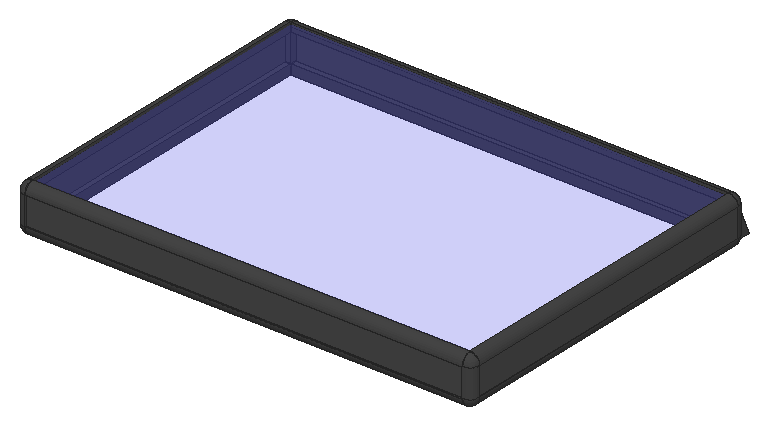
Revit family "f5fd465b-0319-4c63-bc98-8e1c0b9e7d54", category Furniture, host Face, Revit 2016
Family settings
  Host = Face
  OmniClass Number = 23.40.95.00
  OmniClass Title = Furnishings, Ornaments, and Decoration
  Cut with Voids When Loaded = No
  Shared = No
  Room Calculation Point = No
Parameters (values of type "54"")
  Width = 48"
  Voltage = if(Use USB, 5 V, 120 V)  # 5 V
  Use USB = yes
  Use Charger = not(Use USB)  # no
  URL = "http://besafeprod.com/"
  Type Image = <None>
  Type Comments = ""
  Show Ligature Resistant Slope = yes
  Product data url = "https://bimobject.com/behavioralsafetyproducts/product/bsp-te540"
  Product Page URL = "http://besafeprod.com/product-catalog/television-enclosures"
  Product Documentation Link = "http://besafeprod.com/images/TE540.Specs_Maintenance.pdf"
  Options = if(Show Ligature Resistant Slope, "Includes Ligature Resistant Slope", "Standard")  # "Includes Ligature Resistant Slope"
  Notes = "Fabrication to client specifications"  # constant formula
  Model = "TE540"  # constant formula
  Manufacturer = "Behavioral Safety Products"  # constant formula
  Load Classification = Other
  Keynote = ""
  Inset Finish = Plastic-BSP-Black
  Height = 36"
  Front Protection Finish = Polycarbonate-BSP-Clear
  Frame Finish = Aluminum-BSP-Anodized-Black
  Description = "Ligature Resistant Protective TV Enclosure"  # constant formula
  Depth = 5"
  Default Elevation = 54"
  Assembly Code = "E2010"
Reference planes (in)
  plane 1 "Center (Front/Back)": y = 0
  plane 2 "Back": z = 0
  plane 3 "Center (Left/Right)": x = 0
  plane 4: x = -23
  plane 5: x = 23
  plane 6: y = 17
  plane 7: y = -17
  plane 8 "Front": z = 5
  plane 9: z = 4
  plane 10 "Bottom": y = -18
  plane 11 "Left": x = -24
  plane 12 "Top": y = 18
  plane 13 "Right": x = 24
  plane 14: through (0, 17.23867, 5.88435) normal (0, -0.9272, -0.3746)
  plane 15: y = 20.82818
  plane 16: z = 1.5
  plane 17: z = 1
Forms (in)
  Extrusion 1, solid, material "Aluminum-BSP-Anodized-Black" <- "Frame Finish", detail levels medium+fine
    sketch origin (0, 0, 0) x (1, 0, 0) y (0, 1, 0)
      loop
        line (-24, 17) -> (-23, 17) -> (-23, 18)
        arc (-23, 18) -> (-23.70711, 17.70711) -> (-24, 17) r 1
      loop
        arc (24, 17) -> (23.70711, 17.70711) -> (23, 18) r 1
        line (23, 18) -> (23, 17) -> (24, 17)
      loop
        arc (-24, -17) -> (-23.70711, -17.70711) -> (-23, -18) r 1
        line (-23, -18) -> (-23, -17) -> (-24, -17)
      loop
        line (24, -17) -> (23, -17) -> (23, -18)
        arc (23, -18) -> (23.70711, -17.70711) -> (24, -17) r 1
    from 1 to 4
  Extrusion 2, solid, material "Polycarbonate-BSP-Clear" <- "Front Protection Finish"
    sketch origin (0, 0, 0) x (1, 0, 0) y (0, 1, 0)
      loop
        line (-23, 17) -> (-23, -17) -> (23, -17) -> (23, 17) -> (-23, 17)
    from 4.75 to 4.5
  Extrusion 3, solid, material "Aluminum-BSP-Anodized-Black" <- "Frame Finish", detail levels coarse
    sketch origin (0, 31.24417, 4) x (0, 1, 0) y (-1, 0, 0)
      loop
        line (-14.24417, 23) -> (-48.24417, 23) -> (-48.24417, -23) -> (-14.24417, -23) -> (-14.24417, 23)
      loop
        line (-13.24417, 24) -> (-49.24417, 24) -> (-49.24417, -24) -> (-13.24417, -24) -> (-13.24417, 24)
    from -4 to 1
  Extrusion 4, solid, material "Aluminum-BSP-Anodized-Black" <- "Frame Finish", visible <- "Show Ligature Resistant Slope"
    sketch origin (0, 0, 0) x (0, 1, 0) y (0, 0, 1)
      loop
        line (18, 4) -> (18, 0) -> (19.6161, 0) -> (18, 4)
    from -23 to 23
  Extrusion 5, solid, material "Plastic-BSP-Black" <- "Inset Finish", detail levels medium+fine
    sketch origin (0, 31.24417, 4) x (0, 1, 0) y (-1, 0, 0)
      loop
        line (-14.24417, 23.875) -> (-48.24417, 23.875) -> (-48.24417, 23.625) -> (-14.24417, 23.625) -> (-14.24417, 23.875)
      loop
        line (-13.36917, -23) -> (-13.36917, 23) -> (-13.61917, 23) -> (-13.61917, -23) -> (-13.36917, -23)
      loop
        line (-48.24417, -23.875) -> (-14.24417, -23.875) -> (-14.24417, -23.625) -> (-48.24417, -23.625) -> (-48.24417, -23.875)
      loop
        line (-49.11917, 23) -> (-49.11917, -23) -> (-48.86917, -23) -> (-48.86917, 23) -> (-49.11917, 23)
    from -3 to 0
  Extrusion 6, solid, material "Aluminum-BSP-Anodized-Black" <- "Frame Finish", detail levels medium+fine
    sketch origin (0, 0, 0) x (0, 1, 0) y (0, 0, 1)
      loop
        arc (18, 4) -> (17.70711, 4.70711) -> (17, 5) r 1
        line (17, 5) -> (17, 4) -> (18, 4)
      loop
        line (18, 1) -> (17, 1) -> (17, 0)
        arc (17, 0) -> (17.70711, 0.29289) -> (18, 1) r 1
      loop
        line (-18, 4) -> (-17, 4) -> (-17, 5)
        arc (-17, 5) -> (-17.70711, 4.70711) -> (-18, 4) r 1
      loop
        arc (-18, 1) -> (-17.70711, 0.29289) -> (-17, 0) r 1
        line (-17, 0) -> (-17, 1) -> (-18, 1)
    from -23 to 23
  Extrusion 7, solid, material "Aluminum-BSP-Anodized-Black" <- "Frame Finish"
    sketch origin (0, 0, 0) x (1, 0, 0) y (0, 0, 1)
      loop
        arc (-23, 5) -> (-23.70711, 4.70711) -> (-24, 4) r 1
        line (-24, 4) -> (-23, 4) -> (-23, 5)
      loop
        arc (-24, 1) -> (-23.70711, 0.29289) -> (-23, 0) r 1
        line (-23, 0) -> (-23, 1) -> (-24, 1)
      loop
        line (23, 5) -> (23, 4) -> (24, 4)
        arc (24, 4) -> (23.70711, 4.70711) -> (23, 5) r 1
      loop
        line (24, 1) -> (23, 1) -> (23, 0)
        arc (23, 0) -> (23.70711, 0.29289) -> (24, 1) r 1
    from -17 to 17
  Revolve 8, solid, material "Aluminum-BSP-Anodized-Black" <- "Frame Finish", detail levels medium+fine
    sketch origin (-23, 54, 48) x (0, 1, 0) y (0, 0, 1)
      loop
        line (-37, -43) -> (-37, -44) -> (-36, -44)
        arc (-36, -44) -> (-36.29289, -43.29289) -> (-37, -43) r 1
      axis (-37, -43) -> (-37, -44)
    angle from 0 to 90
  Revolve 9, solid, material "Aluminum-BSP-Anodized-Black" <- "Frame Finish", detail levels medium+fine
    sketch origin (23, 54, 48) x (0, 1, 0) y (0, 0, -1)
      loop
        arc (-37, 43) -> (-36.29289, 43.29289) -> (-36, 44) r 1
        line (-36, 44) -> (-37, 44) -> (-37, 43)
      axis (-37, 43) -> (-37, 44)
    angle from 0 to 90
  Revolve 10, solid, material "Aluminum-BSP-Anodized-Black" <- "Frame Finish", detail levels medium+fine
    sketch origin (-23, -54, 48) x (0, -1, 0) y (0, 0, -1)
      loop
        arc (-37, 43) -> (-36.29289, 43.29289) -> (-36, 44) r 1
        line (-36, 44) -> (-37, 44) -> (-37, 43)
      axis (-37, 43) -> (-37, 44)
    angle from 0 to 90
  Revolve 11, solid, material "Aluminum-BSP-Anodized-Black" <- "Frame Finish", detail levels medium+fine
    sketch origin (23, -54, 48) x (0, -1, 0) y (0, 0, 1)
      loop
        line (-37, -43) -> (-37, -44) -> (-36, -44)
        arc (-36, -44) -> (-36.29289, -43.29289) -> (-37, -43) r 1
      axis (-37, -43) -> (-37, -44)
    angle from 0 to 90
  Revolve 12, solid, material "Aluminum-BSP-Anodized-Black" <- "Frame Finish", detail levels medium+fine
    sketch origin (-23, 54, -41) x (0, 1, 0) y (0, 0, 1)
      loop
        arc (-37, 41) -> (-36.29289, 41.29289) -> (-36, 42) r 1
        line (-36, 42) -> (-37, 42) -> (-37, 41)
      axis (-37, 41) -> (-37, 42)
    angle from 0 to 90
  Revolve 13, solid, material "Aluminum-BSP-Anodized-Black" <- "Frame Finish", detail levels medium+fine
    sketch origin (23, 54, -41) x (0, 1, 0) y (0, 0, -1)
      loop
        line (-37, -41) -> (-37, -42) -> (-36, -42)
        arc (-36, -42) -> (-36.29289, -41.29289) -> (-37, -41) r 1
      axis (-37, -41) -> (-37, -42)
    angle from 0 to 90
  Revolve 14, solid, material "Aluminum-BSP-Anodized-Black" <- "Frame Finish", detail levels medium+fine
    sketch origin (-23, -54, -41) x (0, -1, 0) y (0, 0, -1)
      loop
        line (-37, -41) -> (-37, -42) -> (-36, -42)
        arc (-36, -42) -> (-36.29289, -41.29289) -> (-37, -41) r 1
      axis (-37, -41) -> (-37, -42)
    angle from 0 to 90
  Revolve 15, solid, material "Aluminum-BSP-Anodized-Black" <- "Frame Finish", detail levels medium+fine
    sketch origin (23, -54, -41) x (0, -1, 0) y (0, 0, 1)
      loop
        arc (-37, 41) -> (-36.29289, 41.29289) -> (-36, 42) r 1
        line (-36, 42) -> (-37, 42) -> (-37, 41)
      axis (-37, 41) -> (-37, 42)
    angle from 0 to 90
Lines and regions (in)
  Masking region 1, detail levels coarse
    outline origin (0, 0, 0) x (1, 0, 0) y (0, 0, 1)
      loop
        line (-24, 5) -> (-24, 1) -> (24, 1) -> (24, 5) -> (-24, 5)
  Masking region 2, detail levels medium+fine
    outline origin (0, 0, 0) x (1, 0, 0) y (0, 0, 1)
      loop
        line (23, 5) -> (-23, 5)
        arc (-23, 5) -> (-23.70711, 4.70711) -> (-24, 4) r 1
        line (-24, 4) -> (24, 4)
        arc (24, 4) -> (23.70711, 4.70711) -> (23, 5) r 1
      loop
        arc (23, 0) -> (23.70711, 0.29289) -> (24, 1) r 1
        line (24, 1) -> (-24, 1)
        arc (-24, 1) -> (-23.70711, 0.29289) -> (-23, 0) r 1
        line (-23, 0) -> (23, 0)
  Masking region 3, detail levels medium+fine
    outline origin (0, 0, 0) x (1, 0, 0) y (0, 0, 1)
      loop
        line (-24, 4) -> (-24, 1) -> (24, 1) -> (24, 4) -> (-24, 4)
  Masking region 4, detail levels medium+fine
    outline origin (0, 31.24417, 4) x (0, 1, 0) y (-1, 0, 0)
      loop
        line (-10.41599, -23) -> (-10.41599, 23) -> (-13.24417, 23)
        arc (-13.24417, 23) -> (-13.53707, 23.70711) -> (-14.24417, 24) r 1
        line (-14.24417, 24) -> (-48.24417, 24)
        arc (-48.24417, 24) -> (-48.95128, 23.70711) -> (-49.24417, 23) r 1
        line (-49.24417, 23) -> (-49.24417, -23)
        arc (-49.24417, -23) -> (-48.95128, -23.70711) -> (-48.24417, -24) r 1
        line (-48.24417, -24) -> (-14.24417, -24)
        arc (-14.24417, -24) -> (-13.53707, -23.70711) -> (-13.24417, -23) r 1
        line (-13.24417, -23) -> (-10.41599, -23)
  Masking region 5, detail levels coarse
    outline origin (0, 31.24417, 4) x (0, 1, 0) y (-1, 0, 0)
      loop
        line (-13.24417, -24) -> (-13.24417, -23) -> (-10.41599, -23) -> (-10.41599, 23) -> (-13.24417, 23) -> (-13.24417, 24) -> (-49.24417, 24) -> (-49.24417, -24) -> (-13.24417, -24)
  symbolic lines, visible <- "Show Ligature Resistant Slope", detail levels coarse
    curve 1: line (-23, 20.82818, 4) -> (-23, 18, 4)
    curve 2: line (23, 18, 4) -> (23, 20.82818, 4)
  symbolic lines, style "FurnitureHiddenLines", detail levels coarse
    curve 3: line (23, 17, 4) -> (23, -17, 4)
    curve 4: line (23, -17, 4) -> (-23, -17, 4)
    curve 5: line (-23, -17, 4) -> (-23, 17, 4)
    curve 6: line (-23, 17, 4) -> (23, 17, 4)
  symbolic lines, style "FurnitureHiddenLines", detail levels fine
    curve 7: line (-23, 17, 4) -> (-23, 18, 4)
    curve 8: line (-23, 17, 4) -> (-24, 17, 4)
    curve 9: line (23, 19.6161, 4) -> (-23, 19.6161, 4)
    curve 10: line (-23, 18, 4) -> (23, 18, 4)
    curve 11: line (23, 18, 4) -> (23, 17, 4)
    curve 12: line (24, 17, 4) -> (23, 17, 4)
    curve 13: line (23, -17, 4) -> (23, -18, 4)
    curve 14: line (-23, 18, 4) -> (-23, -17.875, 4)
    curve 15: line (-24, -17, 4) -> (-23, -17, 4)
Dimensions and locks (in)
  equal spacing: plane 11 "Left", plane 3 "Center (Left/Right)", plane 13 "Right"
  "Width": plane 11 "Left" to plane 13 "Right"
  equal spacing: plane 12 "Top", plane 1 "Center (Front/Back)", plane 10 "Bottom"
  "Height": plane 12 "Top" to plane 10 "Bottom"
  locked: plane 11 "Left" to plane 4 at 1
  locked: plane 5 to plane 13 "Right" at 1
  locked: plane 12 "Top" to plane 6 at 1
  locked: plane 7 to plane 10 "Bottom" at 1
  "Depth": plane 8 "Front" to plane 2 "Back"
  locked: plane 8 "Front" to plane 9 at 1
  locked: Extrusion 2 to Extrusion 2 at 0.25
  locked: plane 8 "Front" to Extrusion 2 at 0.25
  locked: plane 15 to plane 12 "Top" at 2.82818
  locked: plane 9 to plane 16 at 2.5
  locked: plane 17 to level at 1
  locked: plane 14 to plane 12 "Top" (angle 22.00°)
  aligned and locked: plane 2 "Back" to host face
  aligned and locked: level to host face
  aligned and locked: plane 9 to Extrusion 1
  aligned and locked: Extrusion 3 sketch curve to plane 6
  aligned and locked: plane 4 to Extrusion 3 sketch curve
  aligned and locked: plane 7 to Extrusion 3 sketch curve
  aligned and locked: Extrusion 3 sketch curve to plane 5
  aligned and locked: Extrusion 3 to level
  aligned and locked: plane 8 "Front" to Extrusion 3
  aligned and locked: Masking region 1 sketch curve to Extrusion 3  (x3)
  aligned and locked: Masking region 1 sketch curve to Extrusion 1
  aligned and locked: plane 9 to Masking region 2 sketch curve
  aligned and locked: Extrusion 3 to Masking region 3 sketch curve  (x2)
  aligned and locked: Masking region 3 sketch curve to plane 9
  aligned and locked: plane 10 "Bottom" to Extrusion 3
  aligned and locked: plane 14 to Extrusion 4 sketch curve
  aligned and locked: plane 12 "Top" to Extrusion 4 sketch curve
  aligned and locked: plane 2 "Back" to Extrusion 4 sketch curve
  aligned and locked: plane 5 to Extrusion 4
  aligned and locked: Extrusion 4 to plane 4
  aligned and locked: curve 1 to Extrusion 4
  aligned and locked: curve 2 to Extrusion 4
  aligned and locked: Extrusion 1 to Extrusion 5  (x2)
  aligned and locked: Extrusion 1 sketch curve to plane 6
  aligned and locked: Extrusion 1 sketch curve to plane 4
  aligned and locked: plane 11 "Left" to Extrusion 1 sketch curve  (x2)
  aligned and locked: plane 12 "Top" to Extrusion 1 sketch curve  (x2)
  aligned and locked: plane 6 to Extrusion 1 sketch curve
  aligned and locked: Extrusion 1 sketch curve to plane 5
  aligned and locked: plane 13 "Right" to Extrusion 1 sketch curve  (x2)
  aligned and locked: plane 7 to Extrusion 1 sketch curve
  aligned and locked: plane 5 to Extrusion 1 sketch curve
  aligned and locked: plane 10 "Bottom" to Extrusion 1 sketch curve  (x2)
  aligned and locked: plane 4 to Extrusion 1 sketch curve
  aligned and locked: Extrusion 1 sketch curve to plane 7
  aligned and locked: plane 6 to Extrusion 5  (x2)
  aligned and locked: Extrusion 5 to plane 4  (x2)
  aligned and locked: plane 5 to Extrusion 5  (x2)
  aligned and locked: Extrusion 5 to plane 7  (x2)
  aligned and locked: plane 9 to Extrusion 6 sketch curve  (x2)
  aligned and locked: plane 6 to Extrusion 6 sketch curve  (x2)
  aligned and locked: plane 17 to Extrusion 5
  aligned and locked: plane 17 to Extrusion 1
  aligned and locked: plane 17 to Extrusion 6 sketch curve
  aligned and locked: plane 12 "Top" to Extrusion 6 sketch curve
  aligned and locked: plane 2 "Back" to Extrusion 6 sketch curve  (x2)
  aligned and locked: Extrusion 6 to plane 4
  aligned and locked: plane 5 to Extrusion 6
  aligned and locked: Extrusion 6 sketch curve to plane 7
  aligned and locked: plane 7 to Extrusion 6 sketch curve
  aligned and locked: plane 10 "Bottom" to Extrusion 6 sketch curve  (x2)
  aligned and locked: plane 8 "Front" to Extrusion 6 sketch curve
  aligned and locked: Extrusion 7 sketch curve to plane 4  (x2)
  aligned and locked: Extrusion 7 sketch curve to plane 9
  aligned and locked: plane 17 to Extrusion 7 sketch curve
  aligned and locked: plane 2 "Back" to Extrusion 7 sketch curve  (x2)
  aligned and locked: plane 11 "Left" to Extrusion 7 sketch curve  (x2)
  aligned and locked: plane 8 "Front" to Extrusion 7 sketch curve  (x2)
  aligned and locked: Extrusion 7 sketch curve to plane 5  (x2)
  aligned and locked: plane 9 to Extrusion 7 sketch curve
  aligned and locked: plane 13 "Right" to Extrusion 7 sketch curve  (x2)
  aligned and locked: Extrusion 7 sketch curve to plane 17
  aligned and locked: Extrusion 7 to plane 7
  aligned and locked: plane 6 to Extrusion 7
  aligned and locked: Masking region 2 sketch curve to Extrusion 7  (x2)
  aligned and locked: Masking region 2 sketch curve to plane 17
  aligned and locked: plane 11 "Left" to Masking region 2 sketch curve
  aligned and locked: plane 2 "Back" to Masking region 2 sketch curve
  aligned and locked: plane 5 to Masking region 2 sketch curve
  aligned and locked: plane 13 "Right" to Masking region 2 sketch curve
  aligned and locked: plane 4 to Masking region 2 sketch curve
  aligned and locked: Revolve 8 sketch curve to plane 9
  aligned and locked: plane 6 to Revolve 8
  aligned and locked: plane 4 to Revolve 8
  aligned and locked: Revolve 9 to plane 5
  aligned and locked: plane 6 to Revolve 9
  aligned and locked: Revolve 11 to plane 7
  aligned and locked: Revolve 11 to plane 5
  aligned and locked: plane 4 to Revolve 10
  aligned and locked: Revolve 10 to plane 7
  aligned and locked: plane 4 to Extrusion 1  (x2)
  aligned and locked: Extrusion 1 to plane 6  (x2)
  aligned and locked: Extrusion 1 to plane 5  (x2)
  aligned and locked: plane 7 to Extrusion 1  (x2)
  aligned and locked: plane 4 to Revolve 14
  aligned and locked: plane 4 to Revolve 12
  aligned and locked: Revolve 15 to plane 5
  aligned and locked: Revolve 13 to plane 5
  aligned and locked: plane 4 to Extrusion 2 sketch curve
  aligned and locked: Extrusion 2 sketch curve to plane 6
  aligned and locked: plane 7 to Extrusion 2 sketch curve
  aligned and locked: Extrusion 2 sketch curve to plane 5
  aligned and locked: Masking region 3 sketch curve to plane 17
  aligned and locked: Masking region 4 sketch curve to plane 5
  aligned and locked: Masking region 4 sketch curve to Extrusion 1  (x4)
  aligned and locked: Masking region 4 sketch curve to plane 15
  aligned and locked: Masking region 4 sketch curve to plane 4
  aligned and locked: Masking region 5 sketch curve to plane 13 "Right"
  aligned and locked: Masking region 5 sketch curve to plane 10 "Bottom"
  aligned and locked: Masking region 5 sketch curve to plane 11 "Left"
  aligned and locked: Masking region 5 sketch curve to plane 12 "Top"  (x2)
  aligned and locked: Masking region 5 sketch curve to plane 15
  aligned and locked: Masking region 5 sketch curve to plane 4
  aligned and locked: Masking region 5 sketch curve to plane 5
  aligned and locked: curve 3 to Extrusion 3
  aligned and locked: curve 4 to Extrusion 3
  aligned and locked: curve 5 to Extrusion 3
  aligned and locked: curve 6 to Extrusion 3
  aligned and locked: curve 7 to Revolve 8
  aligned and locked: curve 8 to Revolve 8
  aligned and locked: curve 9 to Extrusion 4
  aligned and locked: curve 10 to Extrusion 4
  aligned and locked: curve 11 to Revolve 9
  aligned and locked: curve 12 to Revolve 9
  aligned and locked: curve 13 to Revolve 11
  aligned and locked: curve 14 to Extrusion 6
  aligned and locked: Revolve 10 to curve 15
  aligned and locked: plane 13 "Right" to curve 12
  aligned and locked: plane 5 to curve 3
  aligned and locked: plane 15 to curve 2
  aligned and locked: plane 12 "Top" to curve 2
  aligned and locked: plane 15 to curve 1
  aligned and locked: plane 12 "Top" to curve 14
  aligned and locked: plane 11 "Left" to curve 8
  aligned and locked: plane 4 to curve 8
  aligned and locked: plane 11 "Left" to curve 15
  aligned and locked: plane 4 to curve 15
  aligned and locked: plane 10 "Bottom" to curve 13
  aligned and locked: plane 7 to curve 13
Automatic sketch dimensions
  host sketch curve to host sketch curve = 96"  (x2)
  Extrusion 3 sketch curve to plane 10 "Bottom" = 0"
  Extrusion 3 sketch curve to plane 12 "Top" = 0"
  Extrusion 3 sketch curve to plane 13 "Right" = 0"
  Extrusion 3 sketch curve to plane 11 "Left" = 0"
  Masking region 2 sketch curve to plane 11 "Left" = 0"
  Masking region 2 sketch curve to plane 13 "Right" = 0"
  Extrusion 5 sketch curve to plane 4 = 0"  (x2)
  Extrusion 5 sketch curve to plane 5 = 0"  (x2)
  Extrusion 5 sketch curve to plane 7 = 0"  (x2)
  Extrusion 5 sketch curve to plane 6 = 0"  (x2)
  Extrusion 5 sketch curve to plane 13 "Right" = 1/8"
  plane 10 "Bottom" to Extrusion 5 sketch curve = 3/8"
  plane 10 "Bottom" to Extrusion 5 sketch curve = 1/8"
  Extrusion 5 sketch curve to plane 12 "Top" = 3/8"
  Extrusion 5 sketch curve to plane 12 "Top" = 1/8"
  Extrusion 5 sketch curve to Extrusion 5 sketch curve = 1/4"
  plane 11 "Left" to Extrusion 5 sketch curve = 3/8"
  plane 11 "Left" to Extrusion 5 sketch curve = 1/8"
  Extrusion 6 sketch curve to plane 12 "Top" = 0"
  Revolve 8 sketch curve to plane 6 = 0"  (x2)
  Revolve 8 sketch curve to plane 12 "Top" = 0"
  Revolve 8 sketch curve to level = 12"
  Revolve 8 sketch curve to Revolve 8 sketch curve = 89"
  Revolve 9 sketch curve to plane 6 = 0"  (x2)
  Revolve 9 sketch curve to plane 9 = 0"
  Revolve 9 sketch curve to plane 12 "Top" = 0"
  Revolve 9 sketch curve to Revolve 9 sketch curve = 89"
  Revolve 9 sketch curve to level = 12"
  Revolve 10 sketch curve to plane 7 = 0"  (x2)
  Revolve 10 sketch curve to plane 9 = 0"
  Revolve 10 sketch curve to plane 10 "Bottom" = 0"
  Revolve 10 sketch curve to Revolve 10 sketch curve = 89"
  Revolve 10 sketch curve to level = 12"
  Revolve 11 sketch curve to plane 7 = 0"  (x2)
  Revolve 11 sketch curve to plane 9 = 0"
  Revolve 11 sketch curve to plane 10 "Bottom" = 0"
  Revolve 11 sketch curve to level = 12"
  Revolve 11 sketch curve to Revolve 11 sketch curve = 89"
  Revolve 12 sketch curve to plane 6 = 0"  (x2)
  Revolve 12 sketch curve to plane 12 "Top" = 0"
  Revolve 12 sketch curve to level = 0"
  Revolve 12 sketch curve to Revolve 12 sketch curve = 89"
  plane 8 "Front" to Revolve 12 sketch curve = 12"
  Revolve 13 sketch curve to plane 6 = 0"  (x2)
  Revolve 13 sketch curve to plane 12 "Top" = 0"
  plane 17 to Revolve 13 sketch curve = 0"
  plane 8 "Front" to Revolve 13 sketch curve = 12"
  Revolve 13 sketch curve to Revolve 13 sketch curve = 89"
  Revolve 14 sketch curve to plane 7 = 0"  (x2)
  Revolve 14 sketch curve to plane 10 "Bottom" = 0"
  plane 17 to Revolve 14 sketch curve = 0"
  plane 8 "Front" to Revolve 14 sketch curve = 12"
  Revolve 14 sketch curve to Revolve 14 sketch curve = 89"
  Revolve 15 sketch curve to plane 7 = 0"  (x2)
  Revolve 15 sketch curve to plane 10 "Bottom" = 0"
  Revolve 15 sketch curve to level = 0"
  Revolve 15 sketch curve to Revolve 15 sketch curve = 89"
  plane 8 "Front" to Revolve 15 sketch curve = 12"
  curve 8 to plane 6 = 0"
  plane 10 "Bottom" to curve 14 = 1/8"
  curve 9 to plane 15 = 1.21208"
